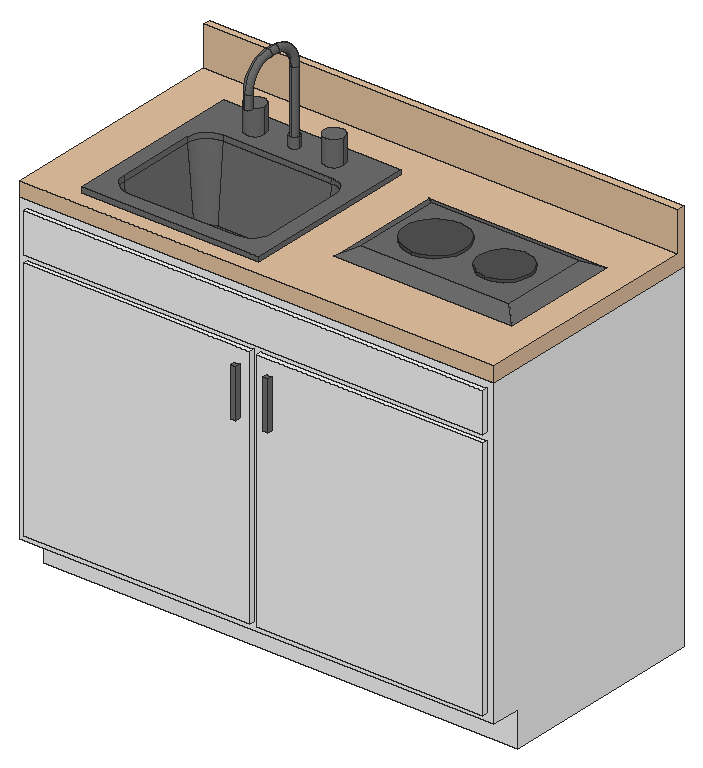
Revit family "a8b04281236b42c0a6bb087ca290a9c1", category Specialty Equipment, Revit 2021
Family settings
  Round Connector Dimension = Use Diameter
  Part Type = Normal
  OmniClass Number = 23.40.35.17.47.11
  OmniClass Title = Kitchen Casework
  Seek Item ID = Kitchenette - Small-0000-USA-ENU
  Work Plane-Based = No
  Always vertical = Yes
  Cut with Voids When Loaded = No
  Shared = Yes
  Room Calculation Point = No
Parameters (values of type "48"")
  Width = 4' - 0"
  Sink Opening Depth = 1' - 3"
  Sink Location To Wall = 0' - 6"
  Sink Location = 1' - 2"
  Height = 2' - 10 1/2"
  Depth = 2' - 0"
  Default Elevation = 0' - 0"
  Counter Thickness = 0' - 1 1/2"
  Assembly Code = "E1090400"
  Cabinet Material = Cabinets
  Door/Drawer Material = Cabinets
  Handle Material = Cabinets - Handles
  Toe Depth = 0' - 3"
  Toe Height = 0' - 3 1/2"
Types (3): name | Width
  (no name) | 4' - 0"
  54" | 4' - 8"
  48" | 4' - 0"
Reference planes (in)
  plane 1 "Back": y = 0
  plane 2: z = 0
  plane 3 "Center": x = 0.7377
  plane 4 "Left": x = -23.2623
  plane 5 "Right": x = 24.7377
  plane 6 "Front": y = -24
  plane 7 "Top": z = 34.5
  plane 8: y = -21
  plane 9: z = 3.5
  plane 10: z = 33.75
  plane 11: z = 4.25
  plane 12: x = -22.5123
  plane 13: x = 23.9877
  plane 14: z = 29.75
  plane 15: z = 29
  plane 16: z = 27.5
  plane 17: z = 23.5
  plane 18: x = -0.6373
  plane 19: x = -1.1373
  plane 20: x = 0.3627
  plane 21: x = 1.1127
  plane 22: x = 2.1127
  plane 23: x = 2.6127
  plane 24: y = -12
  plane 25: x = 12.7377
  plane 26: x = -9.2623
  plane 27: y = -6
  plane 28: z = 36
  plane 29: y = -21
Forms (in)
  Extrusion 1, solid, material "Cabinets" <- "Cabinet Material"
    sketch origin (0, 0, 0) x (1, 0, 0) y (0, 1, 0)
      loop
        line (-23.2623, 0) -> (-23.2623, -21) -> (24.7377, -21) -> (24.7377, 0) -> (-23.2623, 0)
    from 0 to 3.5
  Sweep 2, solid, material "Cabinets" <- "Cabinet Material"
    path origin (0, 0, 0) x (1, 0, 0) y (0, 1, 0)
      loop
        line (24.7377, 0) -> (-23.2623, 0) -> (-23.2623, -24) -> (24.7377, -24) -> (24.7377, 0)
    profile origin (0, -12, 0) x (1, 0, 0) y (0, 0, 1)
      loop
        line (24.7377, 3.5) -> (24.7377, 34.5) -> (23.9877, 34.5) -> (23.9877, 3.5) -> (24.7377, 3.5)
  Extrusion 3, solid, material "Cabinets" <- "Cabinet Material"
    sketch origin (0, 0, 0) x (1, 0, 0) y (0, 1, 0)
      loop
        line (-22.5123, -0.75) -> (-22.5123, -23.25) -> (23.9877, -23.25) -> (23.9877, -0.75) -> (-22.5123, -0.75)
    from 4.25 to 3.5
  Extrusion 4, solid, material "Cabinets" <- "Door/Drawer Material"
    sketch origin (0, -24, 0) x (1, 0, 0) y (0, 0, 1)
      loop
        line (-22.5123, 29) -> (-22.5123, 4.25) -> (0.3627, 4.25) -> (0.3627, 29) -> (-22.5123, 29)
      loop
        line (1.1127, 29) -> (1.1127, 4.25) -> (23.9877, 4.25) -> (23.9877, 29) -> (1.1127, 29)
      loop
        line (-22.5123, 33.75) -> (-22.5123, 29.75) -> (23.9877, 29.75) -> (23.9877, 33.75) -> (-22.5123, 33.75)
    from 0 to 0.5
  Extrusion 5, solid, material "Cabinets - Handles" <- "Handle Material"
    sketch origin (0, -24, 0) x (1, 0, 0) y (0, 0, 1)
      loop
        line (-1.1373, 27.5) -> (-1.1373, 22.58937) -> (-0.6373, 22.58937) -> (-0.6373, 27.5) -> (-1.1373, 27.5)
      loop
        line (2.1127, 27.5) -> (2.1127, 22.58937) -> (2.6127, 22.58937) -> (2.6127, 27.5) -> (2.1127, 27.5)
    from 0.5 to 1
Cuts and joins
  joined: Extrusion 1, Sweep 2
Lines and regions (in)
  model lines
    curve 1: line (23.9877, -24, 29.75) -> (-22.5123, -24, 29.75)
    curve 2: line (23.9877, -24, 33.75) -> (23.9877, -24, 29.75)
    curve 3: line (-22.5123, -24, 33.75) -> (23.9877, -24, 33.75)
    curve 4: line (-22.5123, -24, 29.75) -> (-22.5123, -24, 33.75)
    curve 5: line (23.9877, -24, 4.25) -> (1.1127, -24, 4.25)
    curve 6: line (23.9877, -24, 29) -> (23.9877, -24, 4.25)
    curve 7: line (-22.5123, -24, 29) -> (0.3627, -24, 29)
    curve 8: line (-22.5123, -24, 4.25) -> (-22.5123, -24, 29)
    curve 9: line (-1.1373, -24, 27.5) -> (-0.6373, -24, 27.5)
    curve 10: line (-1.1373, -24, 23.5) -> (-1.1373, -24, 27.5)
    curve 11: line (-0.6373, -24, 23.5) -> (-1.1373, -24, 23.5)
    curve 12: line (-0.6373, -24, 27.5) -> (-0.6373, -24, 23.5)
    curve 13: line (1.1127, -24, 4.25) -> (1.1127, -24, 29)
    curve 14: line (0.3627, -24, 4.25) -> (0.3627, -24, 29)
    curve 15: line (2.6127, -24, 27.5) -> (2.1127, -24, 27.5)
    curve 16: line (2.6127, -24, 23.5) -> (2.6127, -24, 27.5)
    curve 17: line (2.1127, -24, 23.5) -> (2.6127, -24, 23.5)
    curve 18: line (2.1127, -24, 27.5) -> (2.1127, -24, 23.5)
    curve 19: line (1.1127, -24, 29) -> (23.9877, -24, 29)
    curve 20: line (0.3627, -24, 4.25) -> (-22.5123, -24, 4.25)
  symbolic lines, style "Elevation Swing"
    curve 21: line (0.3627, -24, 29) -> (-22.5123, -24, 16.625)
    curve 22: line (0.3627, -24, 4.25) -> (-22.5123, -24, 16.625)
    curve 23: line (1.1127, -24, 29) -> (23.9877, -24, 16.625)
    curve 24: line (23.9877, -24, 16.625) -> (1.1127, -24, 4.25)
Dimensions and locks (in)
  "Depth": plane 6 "Front" to plane 1 "Back"
  "Width": plane 4 "Left" to plane 5 "Right"
  equal spacing: plane 4 "Left", plane 3 "Center", plane 5 "Right"
  "Height": level to plane 7 "Top"
  "Toe Height": plane 2 to plane 9
  "Toe Depth": plane 6 "Front" to plane 8
  locked: plane 4 "Left" to plane 12 at 0.75
  locked: plane 13 to plane 5 "Right" at 0.75
  locked: plane 7 "Top" to plane 10 at 0.75
  locked: plane 11 to plane 9 at 0.75
  plane 10 to plane 14 to plane 15 = 0' - 4" locked, 0' - 0 3/4" locked
  plane 15 to plane 16 to plane 17 = 0' - 1 1/2" locked, 0' - 4" locked
  plane 21 to plane 3 "Center" to plane 20 = 0' - 0 3/8" locked, 0' - 0 3/8" locked
  plane 20 to plane 18 to plane 19 = 0' - 1" locked, 0' - 0 1/2" locked
  plane 21 to plane 22 to plane 23 = 0' - 1" locked, 0' - 0 1/2" locked
  equal spacing: Extrusion 4, curve 22, Extrusion 4
  equal spacing: Extrusion 4, curve 24, Extrusion 4
  plane 7 "Top" to curve 3 = 0' - 0 3/4"
  equal spacing: plane 6 "Front", plane 24, plane 1 "Back"
  equal spacing: plane 3 "Center", plane 25, plane 5 "Right"
  "Sink Location": plane 4 "Left" to plane 26
  "Sink Location To Wall": plane 27 to plane 1 "Back"
  "Counter Thickness": plane 28 to plane 7 "Top"
  "Sink Opening Depth": plane 27 to plane 29
  aligned and locked: plane 1 "Back" to Extrusion 1 sketch curve
  aligned and locked: Extrusion 1 sketch curve to plane 5 "Right"
  aligned and locked: Extrusion 1 sketch curve to plane 8
  aligned and locked: plane 4 "Left" to Extrusion 1 sketch curve
  aligned and locked: Extrusion 1 to level
  aligned and locked: Sweep 2 sketch curve to plane 6 "Front"
  aligned and locked: plane 1 "Back" to Sweep 2 sketch curve
  aligned and locked: Sweep 2 sketch curve to plane 5 "Right"  (x2)
  aligned and locked: plane 4 "Left" to Sweep 2 sketch curve
  aligned and locked: plane 7 "Top" to Sweep 2 sketch curve
  aligned and locked: plane 9 to Sweep 2 sketch curve
  aligned and locked: Sweep 2 to Extrusion 3 sketch curve  (x2)
  aligned and locked: Extrusion 3 sketch curve to Sweep 2  (x2)
  aligned and locked: Extrusion 3 to plane 11
  aligned and locked: Extrusion 3 to plane 9
  aligned and locked: plane 9 to Extrusion 1
  aligned and locked: curve 22 to curve 20
  aligned and locked: plane 13 to curve 23
  aligned and locked: curve 5 to curve 24
  aligned and locked: nested 1 to plane 4 "Left"
  aligned and locked: nested 1 to plane 5 "Right"
  aligned and locked: plane 7 "Top" to nested 1
  aligned and locked: nested 2 to plane 29
  aligned and locked: plane 26 to nested 2
  aligned and locked: nested 2 to plane 28
  aligned and locked: plane 25 to nested 3
  aligned and locked: plane 24 to nested 3
  aligned and locked: nested 3 to plane 28
Automatic sketch dimensions
  profile plane to Sweep 2 sketch curve = 0' - 0 3/4"
  curve 2 to plane 13 = 0' - 0"
  curve 16 to plane 16 = 0' - 0"
  curve 16 to plane 23 = 0' - 0"
  curve 18 to plane 17 = 0' - 0"
  curve 18 to plane 22 = 0' - 0"
  curve 19 to plane 15 = 0' - 0"
  curve 19 to plane 21 = 0' - 0"
  curve 14 to plane 15 = 0' - 0"
  curve 14 to plane 20 = 0' - 0"
  curve 11 to plane 17 = 0' - 0"
  curve 11 to plane 18 = 0' - 0"
  curve 11 to plane 19 = 0' - 0"
  curve 8 to plane 12 = 0' - 0"
  curve 4 to plane 12 = 0' - 0"
  curve 2 to plane 14 = 0' - 0"
  curve 10 to plane 16 = 0' - 0"
  curve 5 to plane 11 = 0' - 0"
  curve 8 to plane 11 = 0' - 0"
  Extrusion 4 sketch curve to plane 11 = 0' - 0"  (x2)
  Extrusion 4 sketch curve to plane 12 = 0' - 0"  (x2)
  Extrusion 4 sketch curve to plane 15 = 0' - 0"  (x2)
  Extrusion 4 sketch curve to plane 20 = 0' - 0"
  Extrusion 4 sketch curve to plane 21 = 0' - 0"
  Extrusion 4 sketch curve to plane 10 = 0' - 0"
  Extrusion 4 sketch curve to plane 13 = 0' - 0"  (x2)
  Extrusion 4 sketch curve to plane 14 = 0' - 0"
  Extrusion 5 sketch curve to plane 19 = 0' - 0"
  Extrusion 5 sketch curve to plane 18 = 0' - 0"
  Extrusion 5 sketch curve to plane 16 = 0' - 0"  (x2)
  Extrusion 5 sketch curve to plane 22 = 0' - 0"
  Extrusion 5 sketch curve to plane 23 = 0' - 0"
  plane 17 to Extrusion 5 sketch curve = 0' - 0.91063"  (x2)
  Sweep 2 to curve 6 = 0' - 0 3/4"
  curve 21 to plane 12 = 0' - 0"
  curve 22 to plane 20 = 0' - 0"
  curve 21 to plane 15 = 0' - 0"
  curve 21 to plane 20 = 0' - 0"
  curve 24 to plane 21 = 0' - 0"
  curve 23 to plane 15 = 0' - 0"
  curve 23 to plane 21 = 0' - 0"
Nested families (in)
  nested 1: "Counter Top w Sink Hole" at (24, 0, 0), Length <- "Width", Depth <- "Depth", Sink Location <- "Sink Location", Sink Location To Wall <- "Sink Location To Wall", Sink Opening Depth <- "Sink Opening Depth", type "24" Depth"
    with Sink Opening Depth 1' - 3", Sink Location To Wall 0' - 6", Length 4' - 0", Sink Location 1' - 2", Sink Opening Width 1' - 4", built-in parameter 1010003 2' - 0"
  nested 2: "Sink Kitchen-Island" at (-9.87998, -13.59234, 0), type "18" x 18""
  nested 3: "Cook Top-2 Unit" at (13.92766, -15, 0) x (0, 1, 0) z (0, 0, 1), type "12" x 18""
    with Counter Height 3' - 0", Depth 1' - 6", Width 1' - 0"
Definition of nested family "Counter Top w Sink Hole"
  Parameters
    Default Elevation = 0' - 0"
    Assembly Code = "C1030400"
    Counter Thickness = 0' - 1 1/2"
    Counter Top Material = none
    Depth [instance] = 2' - 1"
    Height = 3' - 0"
    Length [instance] = 8' - 0"
    Sink Location [instance] = 2' - 0"
    Sink Location To Wall [instance] = 0' - 6"
    Sink Opening Depth [instance] = 1' - 3"
    Sink Opening Width [instance] = 2' - 3"
  Reference planes (in)
    plane 1 "Back": y = 0
    plane 2: z = 0
    plane 3 "Left": x = -47.2623
    plane 4 "Right": x = 48.7377
    plane 5 "Front": y = -25
    plane 6 "Top": z = 36
    plane 7 "Top Of Cabinet": z = 34.5
    plane 8: y = -0.75
    plane 9: z = 40
    plane 10: x = -23.2623
    plane 11: y = -6
    plane 12: x = -9.7623
    plane 13: y = -21
    plane 14: x = -36.7623
    plane 15: y = -5.5
    plane 16: x = -9.2623
    plane 17: y = -21.5
    plane 18: x = -37.2623
  Forms (in)
    Extrusion 1, solid, material <- "Counter Top Material"
      sketch origin (0, 0, 0) x (1, 0, 0) y (0, 1, 0)
        loop
          line (-47.2623, 0) -> (-47.2623, -25) -> (48.7377, -25) -> (48.7377, 0) -> (-47.2623, 0)
      from 34.5 to 36
    Extrusion 2, solid, material <- "Counter Top Material"
      sketch origin (0, 0, 0) x (1, 0, 0) y (0, 1, 0)
        loop
          line (48.7377, 0) -> (-47.2623, 0) -> (-47.2623, -0.75) -> (48.7377, -0.75) -> (48.7377, 0)
      from 36 to 40
    Extrusion 3, void
      sketch origin (0, 0, 0) x (1, 0, 0) y (0, 1, 0)
        loop
          arc (-35.2623, -5.5) -> (-36.67651, -6.08579) -> (-37.2623, -7.5) r 2
          line (-37.2623, -7.5) -> (-37.2623, -19.5)
          arc (-37.2623, -19.5) -> (-36.67651, -20.91421) -> (-35.2623, -21.5) r 2
          line (-35.2623, -21.5) -> (-11.2623, -21.5)
          arc (-11.2623, -21.5) -> (-9.84808, -20.91421) -> (-9.2623, -19.5) r 2
          line (-9.2623, -19.5) -> (-9.2623, -7.5)
          arc (-9.2623, -7.5) -> (-9.84808, -6.08579) -> (-11.2623, -5.5) r 2
          line (-11.2623, -5.5) -> (-35.2623, -5.5)
      from 34.5 to 36
  Cuts and joins
    Extrusion 3 cuts Extrusion 1
    Extrusion 3 cuts Extrusion 2
    joined: Extrusion 1, Extrusion 2
  Lines and regions (in)
    Masking region 1
      outline origin (0, 0, 34.5) x (0, -1, 0) y (1, 0, 0)
        loop
          line (0, -47.2623) -> (25, -47.2623) -> (25, 48.7377) -> (0, 48.7377) -> (0, -47.2623)
    symbolic lines
      curve 1: line (-47.2623, -0.75, 34.5) -> (48.7377, -0.75, 34.5)
      curve 2: line (-34.7623, -6, 34.5) -> (-11.7623, -6, 34.5)
      curve 3: line (-36.7623, -19, 34.5) -> (-36.7623, -8, 34.5)
      curve 4: line (-11.7623, -21, 34.5) -> (-34.7623, -21, 34.5)
      curve 5: line (-9.7623, -8, 34.5) -> (-9.7623, -19, 34.5)
      curve 6: arc (-36.7623, -8, 34.5) -> (-36.17651, -6.58579, 34.5) -> (-34.7623, -6, 34.5) r 2
      curve 7: arc (-11.7623, -6, 34.5) -> (-10.34808, -6.58579, 34.5) -> (-9.7623, -8, 34.5) r 2
      curve 8: arc (-9.7623, -19, 34.5) -> (-10.34808, -20.41421, 34.5) -> (-11.7623, -21, 34.5) r 2
      curve 9: arc (-34.7623, -21, 34.5) -> (-36.17651, -20.41421, 34.5) -> (-36.7623, -19, 34.5) r 2
  Dimensions and locks (in)
    "Depth": plane 5 "Front" to plane 1 "Back"
    "Length": plane 3 "Left" to plane 4 "Right"
    "Height": level to plane 6 "Top"
    "Counter Thickness": plane 7 "Top Of Cabinet" to plane 6 "Top"
    locked: plane 8 to plane 1 "Back" at 0.75
    plane 6 "Top" to plane 9 = 0' - 4"
    "Sink Opening Width": plane 14 to plane 12
    "Sink Opening Depth": plane 13 to plane 11
    "Sink Location": plane 3 "Left" to plane 10
    equal spacing: plane 14, plane 10, plane 12
    "Sink Location To Wall": plane 11 to plane 1 "Back"
    locked: plane 11 to plane 15 at 0.5
    locked: plane 17 to plane 13 at 0.5
    locked: plane 18 to plane 14 at 0.5
    locked: plane 12 to plane 16 at 0.5
    aligned and locked: plane 1 "Back" to Extrusion 1 sketch curve
    aligned and locked: plane 4 "Right" to Extrusion 1 sketch curve
    aligned and locked: Extrusion 1 sketch curve to plane 5 "Front"
    aligned and locked: Extrusion 1 sketch curve to plane 3 "Left"
    aligned and locked: Extrusion 1 to plane 6 "Top"
    aligned and locked: Extrusion 1 to plane 7 "Top Of Cabinet"
    aligned and locked: Extrusion 2 sketch curve to plane 1 "Back"
    aligned and locked: plane 8 to Extrusion 2 sketch curve
    aligned and locked: Extrusion 2 sketch curve to plane 4 "Right"
    aligned and locked: plane 3 "Left" to Extrusion 2 sketch curve
    aligned and locked: Extrusion 2 to plane 9
    aligned and locked: plane 6 "Top" to Extrusion 2
    aligned and locked: Extrusion 3 to plane 6 "Top"
    aligned and locked: Extrusion 1 to Extrusion 3
    aligned and locked: Extrusion 3 sketch curve to plane 15
    aligned and locked: plane 16 to Extrusion 3 sketch curve
    aligned and locked: Extrusion 3 sketch curve to plane 17
    aligned and locked: Extrusion 3 sketch curve to plane 18
    aligned and locked: plane 4 "Right" to Masking region 1 sketch curve
    aligned and locked: Masking region 1 sketch curve to plane 5 "Front"
    aligned and locked: plane 1 "Back" to Masking region 1 sketch curve
    aligned and locked: Masking region 1 sketch curve to plane 3 "Left"
  Automatic sketch dimensions
    Extrusion 3 sketch curve to plane 14 = 0' - 1 1/2"  (x2)
    plane 11 to Extrusion 3 sketch curve = 0' - 1 1/2"
    plane 12 to Extrusion 3 sketch curve = 0' - 1 1/2"
    curve 1 to plane 4 "Right" = 0' - 0"
    curve 1 to plane 8 = 0' - 0"
    curve 1 to plane 3 "Left" = 0' - 0"
    curve 7 to plane 11 = 0' - 0"
    curve 3 to plane 14 = 0' - 0"
    curve 7 to plane 12 = 0' - 0"
    curve 8 to plane 13 = 0' - 0"
    curve 2 to curve 7 = 0' - 2"
    plane 11 to curve 3 = 0' - 2"
    curve 5 to plane 13 = 0' - 2"
    curve 9 to plane 13 = 0' - 2"
Definition of nested family "Sink Kitchen-Island"
  Parameters
    Default Elevation = 0' - 0"
    Assembly Code = "D2010410"
    Counter Height = 3' - 0"
    Depth = 1' - 6"
    Faucet Material = none
    Sink Material = none
    Width = 1' - 6"
  Reference planes (in)
    plane 1 "Center (Front/Back)": y = 0.09234
    plane 2: z = 0
    plane 3 "Center (Left/Right)": x = 0.61769
    plane 4: y = 9.09234
    plane 5: y = -8.90766
    plane 6: x = -8.38231
    plane 7: x = 9.61769
    plane 8 "Top Of Counter": z = 36
    plane 9: z = 36.5
    plane 10: z = 27.5
    plane 11: y = 4.59234
    plane 12: x = -6.88231
    plane 13: y = -7.40766
    plane 14: x = 8.11769
    plane 15: x = -3.38231
    plane 16: x = 4.61769
    plane 17: y = 6.84234
    plane 18: y = 6.84234
    plane 19: y = 6.84234
    plane 20: z = 46.375
    plane 21: y = 0.96734
    plane 22: z = 39
    plane 23: z = 37.5
  Forms (in)
    Extrusion 1, solid, material <- "Sink Material"
      sketch origin (0, 0, 0) x (1, 0, 0) y (0, 1, 0)
        loop
          line (-8.38231, 9.09234) -> (-8.38231, -8.90766) -> (9.61769, -8.90766) -> (9.61769, 9.09234) -> (-8.38231, 9.09234)
        loop
          arc (-4.88231, 4.59234) -> (-6.29653, 4.00655) -> (-6.88231, 2.59234) r 2
          line (-6.88231, 2.59234) -> (-6.88231, -5.40766)
          arc (-6.88231, -5.40766) -> (-6.29653, -6.82187) -> (-4.88231, -7.40766) r 2
          line (-4.88231, -7.40766) -> (6.11769, -7.40766)
          arc (6.11769, -7.40766) -> (7.5319, -6.82187) -> (8.11769, -5.40766) r 2
          line (8.11769, -5.40766) -> (8.11769, 2.59234)
          arc (8.11769, 2.59234) -> (7.5319, 4.00655) -> (6.11769, 4.59234) r 2
          line (6.11769, 4.59234) -> (-4.88231, 4.59234)
      from 36 to 36.5
    Sweep 2, solid, material <- "Sink Material"
      path origin (0, 0, 0) x (1, 0, 0) y (0, 1, 0)
        loop
          arc (-4.88231, 4.59234) -> (-6.29653, 4.00655) -> (-6.88231, 2.59234) r 2
          line (-6.88231, 2.59234) -> (-6.88231, -5.40766)
          arc (-6.88231, -5.40766) -> (-6.29653, -6.82187) -> (-4.88231, -7.40766) r 2
          line (-4.88231, -7.40766) -> (6.11769, -7.40766)
          arc (6.11769, -7.40766) -> (7.5319, -6.82187) -> (8.11769, -5.40766) r 2
          line (8.11769, -5.40766) -> (8.11769, 2.59234)
          arc (8.11769, 2.59234) -> (7.5319, 4.00655) -> (6.11769, 4.59234) r 2
          line (6.11769, 4.59234) -> (-4.88231, 4.59234)
      profile origin (0.61769, 0, 0) x (0, 1, 0) y (0, 0, 1)
        loop
          line (4.59234, 36) -> (3.94139, 28.55963)
          arc (3.94139, 28.55963) -> (3.70094, 28.07204) -> (3.19424, 27.875) r 0.75
          line (3.19424, 27.875) -> (3.09234, 27.875) -> (3.09234, 27.5) -> (4.84234, 27.5) -> (4.84234, 36) -> (4.59234, 36)
    Extrusion 3, solid, material <- "Sink Material"
      sketch origin (0, 0, 0) x (1, 0, 0) y (0, 1, 0)
        loop
          arc (-4.88231, 3.09234) -> (-5.23587, 2.94589) -> (-5.38231, 2.59234) r 0.5
          line (-5.38231, 2.59234) -> (-5.38231, -5.40766)
          arc (-5.38231, -5.40766) -> (-5.23587, -5.76121) -> (-4.88231, -5.90766) r 0.5
          line (-4.88231, -5.90766) -> (6.11769, -5.90766)
          arc (6.11769, -5.90766) -> (6.47124, -5.76121) -> (6.61769, -5.40766) r 0.5
          line (6.61769, -5.40766) -> (6.61769, 2.59234)
          arc (6.61769, 2.59234) -> (6.47124, 2.94589) -> (6.11769, 3.09234) r 0.5
          line (6.11769, 3.09234) -> (-4.88231, 3.09234)
        loop
          circle (0.61769, 0) r 1
      from 27.5 to 27.875
    Extrusion 4, solid, material <- "Faucet Material"
      sketch origin (0, 0, 0) x (1, 0, 0) y (0, 1, 0)
        loop
          circle (-3.38231, 6.84234) r 1
        loop
          circle (4.61769, 6.84234) r 1
      from 36.5 to 39
    Sweep 5, solid, material <- "Faucet Material"
      path origin (0.61769, 0, 0) x (0, 1, 0) y (0, 0, 1)
        loop
          line (6.84234, 36.5) -> (6.84234, 43.875)
          arc (6.84234, 43.875) -> (6.11011, 45.64277) -> (4.34234, 46.375) r 2.5
          line (4.34234, 46.375) -> (3.46734, 46.375)
          arc (3.46734, 46.375) -> (1.69957, 45.64277) -> (0.96734, 43.875) r 2.5
          line (0.96734, 43.875) -> (0.96734, 42.5)
      profile origin (0.61769, 0, 40.1875) x (0, -1, 0) y (1, 0, 0)
        loop
          circle (-6.84234, 0) r 0.375
    Extrusion 6, solid, material <- "Faucet Material"
      sketch origin (0, 0, 0) x (1, 0, 0) y (0, 1, 0)
        loop
          circle (0.61769, 6.84234) r 0.5
      from 36.5 to 37.5
  Cuts and joins
    joined: Sweep 5, Extrusion 6
    joined: Extrusion 1, Sweep 2
  Lines and regions (in)
    Masking region 1
      outline origin (0, 0, 36) x (0, -1, 0) y (1, 0, 0)
        loop
          line (-9.09234, -8.38231) -> (8.90766, -8.38231) -> (8.90766, 9.61769) -> (-9.09234, 9.61769) -> (-9.09234, -8.38231)
    symbolic lines
      curve 1: arc (1.61769, 0, 36) -> (0.61769, 1, 36) -> (-0.38231, 0, 36) r 1
      curve 2: arc (-0.38231, 0, 36) -> (0.61769, -1, 36) -> (1.61769, 0, 36) r 1
      curve 3: line (-6.88231, 2.59234, 36) -> (-6.88231, -5.40766, 36)
      curve 4: line (-4.88231, -7.40766, 36) -> (6.11769, -7.40766, 36)
      curve 5: line (8.11769, -5.40766, 36) -> (8.11769, 2.59234, 36)
      curve 6: line (6.11769, 4.59234, 36) -> (1.11769, 4.59234, 36)
      curve 7: arc (8.11769, 2.59234, 36) -> (7.5319, 4.00655, 36) -> (6.11769, 4.59234, 36) r 2
      curve 8: arc (6.11769, -7.40766, 36) -> (7.5319, -6.82187, 36) -> (8.11769, -5.40766, 36) r 2
      curve 9: arc (-6.88231, -5.40766, 36) -> (-6.29653, -6.82187, 36) -> (-4.88231, -7.40766, 36) r 2
      curve 10: arc (1.11769, 6.84234, 36) -> (0.61769, 7.34234, 36) -> (0.11769, 6.84234, 36) r 0.5
      curve 11: line (0.11769, 6.84234, 36) -> (0.11769, 2.09234, 36)
      curve 12: line (1.11769, 6.84234, 36) -> (1.11769, 2.09234, 36)
      curve 13: arc (1.11769, 2.09234, 36) -> (0.61769, 1.59234, 36) -> (0.11769, 2.09234, 36) r 0.5
      curve 14: line (0.11769, 4.59234, 36) -> (-4.88231, 4.59234, 36)
      curve 15: arc (-2.38231, 6.84234, 36) -> (-3.38231, 7.84234, 36) -> (-4.38231, 6.84234, 36) r 1
      curve 16: arc (-4.38231, 6.84234, 36) -> (-3.38231, 5.84234, 36) -> (-2.38231, 6.84234, 36) r 1
      curve 17: arc (5.61769, 6.84234, 36) -> (4.61769, 7.84234, 36) -> (3.61769, 6.84234, 36) r 1
      curve 18: arc (3.61769, 6.84234, 36) -> (4.61769, 5.84234, 36) -> (5.61769, 6.84234, 36) r 1
      curve 19: arc (-6.88231, 2.59234, 36) -> (-6.29653, 4.00655, 36) -> (-4.88231, 4.59234, 36) r 2
  Dimensions and locks (in)
    equal spacing: plane 6, plane 3 "Center (Left/Right)", plane 7
    "Width": plane 6 to plane 7
    equal spacing: plane 5, plane 1 "Center (Front/Back)", plane 4
    "Depth": plane 5 to plane 4
    "Counter Height": plane 8 "Top Of Counter" to plane 2
    locked: plane 9 to plane 8 "Top Of Counter" at 0.5
    locked: plane 8 "Top Of Counter" to plane 10 at 8.5
    locked: plane 6 to plane 12 at 1.5
    locked: plane 14 to plane 7 at 1.5
    locked: plane 11 to plane 4 at 4.5
    locked: plane 5 to plane 13 at 1.5
    equal spacing: plane 11, plane 17, plane 4
    equal spacing: plane 11, plane 18, plane 4
    equal spacing: plane 4, plane 19, plane 11
    locked: plane 19 to plane 21 at 5.875
    locked: plane 20 to plane 9 at 9.875
    locked: plane 22 to plane 9 at 2.5
    locked: plane 23 to plane 9 at 1
    locked: plane 15 to plane 3 "Center (Left/Right)" at 4
    locked: plane 3 "Center (Left/Right)" to plane 16 at 4
    radius of Extrusion 4 sketch curve = 0' - 1"  (x2)
    aligned and locked: Extrusion 1 sketch curve to plane 5
    aligned and locked: plane 7 to Extrusion 1 sketch curve
    aligned and locked: plane 4 to Extrusion 1 sketch curve
    aligned and locked: Extrusion 1 sketch curve to plane 6
    aligned and locked: plane 8 "Top Of Counter" to Extrusion 1
    aligned and locked: Extrusion 1 to plane 9
    aligned and locked: plane 11 to Extrusion 1 sketch curve
    aligned and locked: plane 14 to Extrusion 1 sketch curve
    aligned and locked: Extrusion 1 sketch curve to plane 12
    aligned and locked: Extrusion 1 sketch curve to plane 13
    aligned and locked: plane 11 to Sweep 2 sketch curve
    aligned and locked: plane 14 to Sweep 2 sketch curve
    aligned and locked: Sweep 2 sketch curve to plane 12
    aligned and locked: Sweep 2 sketch curve to plane 13
    aligned and locked: Sweep 2 to Extrusion 3 sketch curve  (x4)
    aligned and locked: Sweep 2 to Extrusion 3
    aligned and locked: plane 10 to Extrusion 3
    aligned and locked: Sweep 2 sketch curve to plane 10
    aligned and locked: plane 8 "Top Of Counter" to Sweep 2 sketch curve
    aligned and locked: Extrusion 4 to Extrusion 1
    aligned and locked: Extrusion 6 to Extrusion 1
    aligned and locked: Sweep 5 sketch curve to plane 19
    aligned and locked: plane 20 to Sweep 5 sketch curve
    aligned and locked: plane 21 to Sweep 5 sketch curve
    aligned and locked: Extrusion 4 to plane 22
    aligned and locked: Extrusion 6 to plane 23
    aligned and locked: Masking region 1 sketch curve to plane 6
    aligned and locked: plane 4 to Masking region 1 sketch curve
    aligned and locked: plane 7 to Masking region 1 sketch curve
    aligned and locked: Masking region 1 sketch curve to plane 5
    aligned and locked: plane 15 to Extrusion 4 sketch curve
    aligned and locked: plane 17 to Extrusion 4 sketch curve  (x2)
    aligned and locked: plane 16 to Extrusion 4 sketch curve
    aligned and locked: curve 15 to Extrusion 4
    aligned and locked: curve 17 to Extrusion 4
    aligned and locked: curve 19 to cut or joined group of Extrusion 1, Sweep 2
  Automatic sketch dimensions
    Sweep 2 sketch curve to plane 12 = 0' - 2"
    Sweep 2 sketch curve to Sweep 2 sketch curve = 0' - 2"
    plane 11 to Sweep 2 sketch curve = 0' - 2"
    plane 14 to Sweep 2 sketch curve = 0' - 2"
    Extrusion 1 sketch curve to plane 12 = 0' - 2"  (x2)
    plane 14 to Extrusion 1 sketch curve = 0' - 2"  (x2)
    Extrusion 3 sketch curve to plane 3 "Center (Left/Right)" = 0' - 0"
    Extrusion 3 sketch curve to Extrusion 3 sketch curve = 0' - 0 1/2"  (x4)
    plane 1 "Center (Front/Back)" to Extrusion 3 sketch curve = 0' - 0.09234"
    Extrusion 3 sketch curve to plane 3 "Center (Left/Right)" = 0' - 1"
    Sweep 2 sketch curve to profile plane = 0' - 0"
    profile plane to Sweep 2 sketch curve = 0' - 0.65095"
    Sweep 2 sketch curve to Sweep 2 sketch curve = 0' - 0.74715"
    Sweep 2 sketch curve to Sweep 2 sketch curve = 0' - 0.10191"
    Sweep 2 sketch curve to profile plane = 0' - 0 1/4"
    Sweep 2 sketch curve to Sweep 2 sketch curve = 0' - 0 3/8"
    Sweep 2 sketch curve to Sweep 2 sketch curve = 0' - 0.68463"
    Sweep 5 sketch curve to plane 3 "Center (Left/Right)" = 0' - 0"
    Sweep 5 sketch curve to profile plane = 0' - 0"
    profile plane to Sweep 5 sketch curve = 0' - 0 3/8"
    Extrusion 6 sketch curve to plane 18 = 0' - 0"
    Extrusion 6 sketch curve to plane 3 "Center (Left/Right)" = 0' - 0"
    Extrusion 6 sketch curve to plane 3 "Center (Left/Right)" = 0' - 0 1/2"
    Sweep 5 sketch curve to plane 9 = 0' - 0"
    Sweep 5 sketch curve to Sweep 5 sketch curve = 0' - 2 1/2"
    plane 11 to Sweep 5 sketch curve = 0' - 0 1/4"
    Sweep 5 sketch curve to Sweep 5 sketch curve = 0' - 1 3/8"
    curve 10 to plane 3 "Center (Left/Right)" = 0' - 0"
    curve 7 to plane 11 = 0' - 0"
    curve 5 to plane 14 = 0' - 0"
    curve 1 to plane 3 "Center (Left/Right)" = 0' - 0"
    curve 4 to plane 13 = 0' - 0"
    plane 4 to curve 10 = 0' - 2 1/4"
    plane 11 to curve 5 = 0' - 2"
    curve 11 to plane 3 "Center (Left/Right)" = 0' - 0 1/2"
    curve 11 to plane 1 "Center (Front/Back)" = 0' - 2"
    plane 1 "Center (Front/Back)" to curve 1 = 0' - 0.09234"
    curve 9 to plane 13 = 0' - 2"
    curve 8 to plane 13 = 0' - 2"
    curve 1 to plane 3 "Center (Left/Right)" = 0' - 1"
Definition of nested family "Cook Top-2 Unit"
  Parameters
    Default Elevation = 0' - 0"
    Assembly Code = "E1090400"
    Burner Material = none
    Cooktop Material = none
    Counter Height = 2' - 7"
    Depth = 1' - 10"
    Width = 1' - 4"
  Reference planes (in)
    plane 1 "Center (Front/Back)": y = 1.18995
    plane 2: z = 0
    plane 3 "Center (Left/Right)": x = 3
    plane 4: z = 0.75
    plane 5: y = 11.18995
    plane 6: y = -8.81005
    plane 7: z = 31
  Forms (in)
    Blend 1, solid, material <- "Cooktop Material"
      base sketch origin (0, 0, 31) x (-1, 0, 0) y (0, -1, 0)
        loop
          line (5, -12.18995) -> (5, 9.81005) -> (-11, 9.81005) -> (-11, -12.18995) -> (5, -12.18995)
      top sketch origin (0, 0, 31) x (-1, 0, 0) y (0, -1, 0)
        loop
          line (3.5, -10.68995) -> (3.5, 8.31005) -> (-9.5, 8.31005) -> (-9.5, -10.68995) -> (3.5, -10.68995)
      from 0 to 0.75
    Extrusion 2, solid, material <- "Burner Material"
      sketch origin (3, 1.18995, 31.75) x (-1, 0, 0) y (0, -1, 0)
        loop
          circle (0, -5.5) r 3
        loop
          circle (0, 5.5) r 2.5
      from 0 to 0.25
  Lines and regions (in)
    symbolic lines
      curve 1: line (-5, 12.18995, 0.75) -> (11, 12.18995, 0.75)
      curve 2: line (-5, -9.81005, 0.75) -> (-5, 12.18995, 0.75)
      curve 3: line (11, -9.81005, 0.75) -> (-5, -9.81005, 0.75)
      curve 4: line (11, 12.18995, 0.75) -> (11, -9.81005, 0.75)
      curve 5: line (-3.5, 10.68995, 0.75) -> (9.5, 10.68995, 0.75)
      curve 6: line (-3.5, -8.31005, 0.75) -> (-3.5, 10.68995, 0.75)
      curve 7: line (9.5, -8.31005, 0.75) -> (-3.5, -8.31005, 0.75)
      curve 8: line (9.5, 10.68995, 0.75) -> (9.5, -8.31005, 0.75)
      curve 9: line (-5, 12.18995, 0.75) -> (-3.5, 10.68995, 0.75)
      curve 10: line (11, 12.18995, 0.75) -> (9.5, 10.68995, 0.75)
      curve 11: line (11, -9.81005, 0.75) -> (9.5, -8.31005, 0.75)
      curve 12: line (-5, -9.81005, 0.75) -> (-3.5, -8.31005, 0.75)
      curve 13: arc (6, 6.68995, 0.75) -> (3, 9.68995, 0.75) -> (0, 6.68995, 0.75) r 3
      curve 14: arc (0, 6.68995, 0.75) -> (3, 3.68995, 0.75) -> (6, 6.68995, 0.75) r 3
      curve 15: arc (5.5, -4.31005, 0.75) -> (3, -1.81005, 0.75) -> (0.5, -4.31005, 0.75) r 2.5
      curve 16: arc (0.5, -4.31005, 0.75) -> (3, -6.81005, 0.75) -> (5.5, -4.31005, 0.75) r 2.5
      curve 17: line (3, 7.68995, 0.75) -> (3, 10.18995, 0.75)
      curve 18: line (2, 6.68995, 0.75) -> (-0.5, 6.68995, 0.75)
      curve 19: line (3, 5.68995, 0.75) -> (3, 2.18995, 0.75)
      curve 20: line (4, 6.68995, 0.75) -> (6.5, 6.68995, 0.75)
      curve 21: line (3, -3.56005, 0.75) -> (3, -0.06005, 0.75)
      curve 22: line (2.25, -4.31005, 0.75) -> (-0.25, -4.31005, 0.75)
      curve 23: line (3, -5.06005, 0.75) -> (3, -7.56005, 0.75)
      curve 24: line (3.75, -4.31005, 0.75) -> (6.25, -4.31005, 0.75)
  Dimensions and locks (in)
    equal spacing: curve 2, plane 3 "Center (Left/Right)", curve 4
    equal spacing: curve 3, plane 1 "Center (Front/Back)", curve 1
    "Depth": curve 3 to curve 1
    "Width": curve 2 to curve 4
    locked: curve 14 to curve 1 at 5.5
    locked: curve 16 to curve 3 at 5.5
    "Counter Height": plane 2 to plane 7
    locked: Blend 1 sketch curve to curve 1 at 1.5
    locked: Blend 1 sketch curve to curve 3 at 1.5
    locked: curve 2 to Blend 1 sketch curve at 1.5
    locked: Blend 1 sketch curve to curve 4 at 1.5
    locked: Extrusion 2 sketch curve to curve 1 at 5.5
    locked: Extrusion 2 sketch curve to curve 3 at 5.5
    aligned and locked: Blend 1 sketch curve to curve 1
    aligned and locked: Blend 1 sketch curve to curve 3
    aligned and locked: Blend 1 sketch curve to curve 4
    aligned and locked: Blend 1 sketch curve to curve 2
  Automatic sketch dimensions
    curve 16 to plane 3 "Center (Left/Right)" = 0' - 0"
    curve 17 to plane 3 "Center (Left/Right)" = 0' - 0"
    curve 21 to plane 3 "Center (Left/Right)" = 0' - 0"
    curve 13 to plane 3 "Center (Left/Right)" = 0' - 0"
    curve 23 to plane 3 "Center (Left/Right)" = 0' - 0"
    curve 19 to plane 3 "Center (Left/Right)" = 0' - 0"
    curve 3 to curve 12 = 0' - 1 1/2"
    curve 18 to plane 3 "Center (Left/Right)" = 0' - 3 1/2"
    curve 22 to plane 3 "Center (Left/Right)" = 0' - 3 1/4"
    curve 18 to curve 13 = 0' - 0 1/2"
    curve 22 to curve 16 = 0' - 0 3/4"
    curve 18 to plane 3 "Center (Left/Right)" = 0' - 1"
    curve 22 to plane 3 "Center (Left/Right)" = 0' - 0 3/4"
    plane 3 "Center (Left/Right)" to curve 24 = 0' - 0 3/4"
    plane 3 "Center (Left/Right)" to curve 20 = 0' - 1"
    curve 15 to curve 24 = 0' - 0 3/4"
    curve 13 to curve 20 = 0' - 0 1/2"
    curve 11 to curve 11 = 0' - 1 1/2"
    curve 11 to curve 7 = 0' - 1 1/2"
    curve 23 to curve 15 = 0' - 3 1/4"
    curve 23 to curve 15 = 0' - 0 3/4"
    plane 1 "Center (Front/Back)" to curve 21 = 0' - 1 1/4"
    curve 19 to plane 1 "Center (Front/Back)" = 0' - 1"
    curve 13 to curve 17 = 0' - 1"
    curve 17 to curve 17 = 0' - 2 1/2"
    curve 9 to curve 1 = 0' - 1 1/2"
    curve 19 to curve 13 = 0' - 1"
    curve 20 to curve 13 = 0' - 0"
    curve 18 to curve 13 = 0' - 0"
    curve 22 to curve 15 = 0' - 0"
    curve 24 to curve 15 = 0' - 0"
    curve 15 to curve 21 = 0' - 0 3/4"
    Extrusion 2 sketch curve to plane 3 "Center (Left/Right)" = 0' - 0"  (x2)
    plane 3 "Center (Left/Right)" to Extrusion 2 sketch curve = 0' - 3"
    plane 3 "Center (Left/Right)" to Extrusion 2 sketch curve = 0' - 2 1/2"
